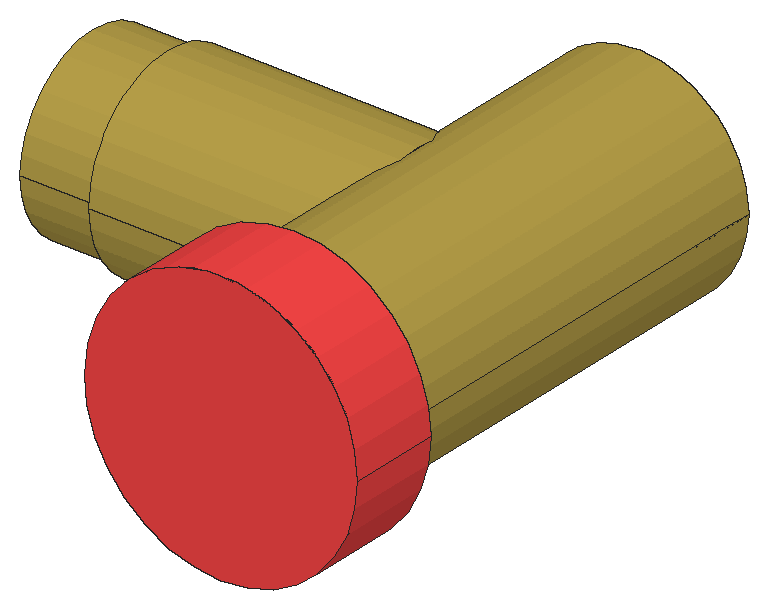
Revit family "Угловой термостатический вентиль «Standart»", category Арматура трубопроводов, Revit 2020
Family settings
  Размер круглого соединителя = Использовать диаметр
  Тип детали = Клапан - Вставляется
  Номер OmniClass = 23.65.55.14.21
  Заголовок OmniClass = Non-Return Valves for Liquid Services
  На основе рабочей плоскости = Нет
  Всегда вертикально = Нет
  При загрузке вырезать с полостями = Нет
  Общий = Да
Parameters (values of type "Dn20")
  Отметка по умолчанию = 0 mm
  Материал клапана = Латунь
  K Coefficient = 1
  Толщина крышки = 0.15 * Длина корпуса  # 12.3 mm
  Высота крышки = 36 mm
  Диаметр крышки = 39 mm
  Длина корпуса = 82 mm
  Диаметр корпуса = 0.6 * Диаметр адаптера  # 14.4 mm
  Длина адаптера = 0.1 * Длина корпуса  # 8.2 mm
  Диаметр адаптера = 1.2 * ADSK_Диаметр условный  # 24 mm
  URL = "https://www.weser.ru/about/documentation/"
  Kvs [instance] = 0.0 m³/h
  ADSK_Позиция = ""
  ADSK_Наименование краткое = "Термостатический вентиль"  # constant formula
  ADSK_Наименование [instance] = "Угловой термостатический вентиль «Standart» Dn20"
  ADSK_Масса_Текст = ""
  ADSK_Код изделия [instance] = "825030.100"
  ADSK_Завод-изготовитель [instance] = "Weser"  # constant formula
  ADSK_Единица измерения = "шт."  # constant formula
  ADSK_Диаметр условный = 20 mm
  ADSK_Группирование [instance] = ""
Types (2, lengths in mm): name | K Coefficient | Диаметр корпуса | Диаметр адаптера | ADSK_Наименование | ADSK_Код изделия | ADSK_Диаметр условный
  Dn15 | 0.54 | 10.8 | 18 | "Угловой термостатический вентиль «Standart» Dn15" | "820022.100" | 15
  Dn20 | 1 | 14.4 | 24 | "Угловой термостатический вентиль «Standart» Dn20" | "825030.100" | 20
Reference planes
  plane 1 "По центру (Вперед/Назад)": y = 0
  plane 2: z = 0
  plane 3 "По центру (Влево/Вправо)": x = 0
  plane 4: x = -41
  plane 5: x = 41
  plane 6: x = -32.8
  plane 7: z = 23.7
  plane 8: z = 36
  plane 9: z = -10.8
  plane 10: z = -16.8
  plane 11: x = -3.6
  plane 12: x = -10.8
  plane 13: y = 23.671
  plane 14: y = -23.671
Forms (mm)
  Extrusion 1, solid, material "Латунь" <- "Материал клапана", detail levels fine
    sketch origin (0, 0, 0) x (0, 1, 0) y (0, 0, 1)
      loop
        circle (0, 0) r 10.8
    from -32.8 to 0
  Extrusion 2, solid, material "Латунь" <- "Материал клапана", detail levels fine
    sketch origin (0, 0, 0) x (1, 0, 0) y (0, 0, 1)
      loop
        circle (0, 0) r 11.951
    from -23.739 to 23.671
  Extrusion 3, solid, material "Латунь" <- "Материал клапана", detail levels fine
    sketch origin (-41, 552.765, 1219.2) x (0, 1, 0) y (0, 0, 1)
      loop
        circle (-552.765, -1219.2) r 10
    from 0 to 8.2
  Extrusion 4, solid, material "Пластик Красный", detail levels fine
    sketch origin (-152.652, -23.671, 1219.2) x (-1, 0, 0) y (0, 0, 1)
      loop
        circle (-152.652, -1219.2) r 15
    from 0 to -10
Cuts and joins
  joined: Extrusion 1, Extrusion 2, Extrusion 3
Dimensions and locks
  equal spacing: plane 4, plane 3 "По центру (Влево/Вправо)", plane 5
  "Длина корпуса": plane 4 to plane 5
  "Длина адаптера": plane 4 to plane 6
  "Толщина крышки": plane 8 to plane 7
  "Высота крышки": plane 8 to plane 2
  locked: plane 2 to plane 9 at 10.8
  locked: plane 9 to plane 10 at 6
  locked: plane 3 "По центру (Влево/Вправо)" to plane 11 at 3.6
  locked: plane 3 "По центру (Влево/Вправо)" to plane 12 at 10.8
  locked: plane 13 to plane 1 "По центру (Вперед/Назад)" at 23.671
  locked: plane 1 "По центру (Вперед/Назад)" to plane 14 at 23.671
  locked: Extrusion 1 sketch curve to Extrusion 1 sketch curve (radius 10.8 mm)
  "ADSK_Диаметр условный": diameter of Extrusion 3 sketch curve
  aligned and locked: plane 2 to Extrusion 1 sketch curve
  aligned and locked: plane 1 "По центру (Вперед/Назад)" to Extrusion 1 sketch curve
  aligned and locked: Extrusion 1 to plane 6
  aligned and locked: plane 3 "По центру (Влево/Вправо)" to Extrusion 2 sketch curve
  aligned and locked: cut or joined group of Extrusion 1, Extrusion 2, Extrusion 3 to plane 14
  aligned and locked: plane 6 to Extrusion 3
  aligned and locked: Extrusion 3 to plane 4
Automatic sketch dimensions
  Extrusion 2 sketch curve to level = 0 mm
  Extrusion 3 sketch curve to level = 0 mm
  Extrusion 3 sketch curve to plane 1 "По центру (Вперед/Назад)" = 0 mm
  Extrusion 4 sketch curve to level = 0 mm
  Extrusion 4 sketch curve to plane 3 "По центру (Влево/Вправо)" = 0 mm
  radius of Extrusion 2 sketch curve = 11.951 mm
  radius of Extrusion 4 sketch curve = 15 mm
Nested families
  nested 1: "УГО Клапан регулирующий угловой" at (0.344, 0, 0), type "УГО Клапан запорно-балансировочный ручной"
    with УГО в разрезе no, УГО в плане yes, L1 12.762 mm, L 89.334 mm, H 21.644 mm, D 21.644 mm, ADSK_Позиция "", ADSK_Обозначение "", ADSK_Наименование "", ADSK_Код изделия ""
Connectors
  piping at (-32.8, 0, 0), diameter 20, driven by "ADSK_Диаметр условный"
    settings: on cut or joined group of Extrusion 1, Extrusion 2, Extrusion 3, index 1, connector inside diameter 609.6 mm, connector length 0 mm, flow factor 0, pipe flow 0.0 m³/h, pressure drop 0.0 Pa, fitting loss kfactor 0, connector angle 0.00°, fixture units 0, engagement length 0 mm, angle of deflection 0.00°, flow configuration 0, flow direction 0, fitting loss method 0, system type 29, joint type 0, gender type 0, connector reference index 2, connector utility 0, adjustable connector no, is connector primary yes, connector description ""
  piping at (0, 23.739, 0), diameter 20, driven by "ADSK_Диаметр условный"
    settings: on cut or joined group of Extrusion 1, Extrusion 2, Extrusion 3, index 2, connector inside diameter 609.6 mm, connector length 0 mm, flow factor 0, pipe flow 0.0 m³/h, pressure drop 0.0 Pa, fitting loss kfactor 0, connector angle 90.00°, fixture units 0, engagement length 0 mm, angle of deflection 0.00°, flow configuration 0, flow direction 0, fitting loss method 0, system type 29, joint type 0, gender type 0, connector reference index 1, connector utility 0, adjustable connector no, is connector primary no, connector description ""
  piping at (0, -23.671, 0), diameter 30
    settings: on Extrusion 4, index 3, connector inside diameter 609.6 mm, connector length 0 mm, flow factor 0, pipe flow 0.0 m³/h, pressure drop 0.0 Pa, fitting loss kfactor 0, connector angle 0.00°, fixture units 0, engagement length 0 mm, angle of deflection 0.00°, flow configuration 0, flow direction 0, fitting loss method 0, system type 28, joint type 0, gender type 0, connector reference index -1, connector utility 0, adjustable connector no, is connector primary no, connector description ""
Definition of nested family "УГО Клапан регулирующий угловой"
  Parameters (values of type "УГО Клапан запорно-балансировочный ручной")
    УГО в разрезе [instance] = not(УГО в плане)  # no
    УГО в плане [instance] = yes
    Разработчик (телефон) = ""
    Разработчик (email) = ""
    Разработчик (URL) = ""
    Разработчик = ""
    Default Elevation = 0 mm
    Manufacturer = ""
    L1 [instance] = L / 7  # 14.286 mm
    L [instance] = 100 mm
    H [instance] = D  # 44.634 mm
    D [instance] = 44.634 mm
    ADSK_Позиция [instance] = ""
    ADSK_Обозначение [instance] = ""
    ADSK_Наименование [instance] = ""
    ADSK_Масса = 0
    ADSK_Количество = 1  # constant formula
    ADSK_Код изделия [instance] = ""
    ADSK_Завод-изготовитель = Manufacturer  # ""
    ADSK_Единица измерения = "шт"  # constant formula
    ADSK_URL документации изделия = ""
  Types (3, lengths in mm): name | L1 | L | H | D
    УГО Клапан регулирующий проходной | 3.146 | 22.023 | 44.634 | 44.634
    УГО Клапан запорный | 28.571 | 200 | 100 | 100
    УГО Клапан запорно-балансировочный ручной | 14.286 | 100 | 44.634 | 44.634
  Reference planes
    plane 1 "По центру (Вперед/Назад)": y = 0
    plane 2: z = 0
    plane 3 "По центру (Влево/Вправо)": x = 0
    plane 4: x = -50
    plane 5: x = -7.143
    plane 6: x = 50
    plane 7: x = 7.143
    plane 8: y = 44.634
    plane 9: y = 22.317
    plane 10: y = -22.317
    plane 11: z = 22.317
    plane 12: z = 44.634
    plane 13: z = -22.317
    plane 14: x = -22.317
    plane 15: x = 22.317
    plane 16: y = 50
    plane 17: y = -50
    plane 18: y = -35
    plane 19: x = -35
  Lines and regions (mm)
    symbolic lines, detail levels coarse+medium
      curve 1: line (-35, 22.317, 0) -> (-35, -22.317, 0)
      curve 2: line (-35, -22.317, 0) -> (0, 0, 0)
      curve 3: line (0, 0, 0) -> (-35, 22.317, 0)
      curve 4: line (0, 0, 0) -> (-7.143, 22.317, 0)
      curve 5: line (-7.143, 22.317, 0) -> (7.143, 22.317, 0)
      curve 6: line (7.143, 22.317, 0) -> (0, 0, 0)
      curve 7: line (0, 22.317, 0) -> (0, 44.634, 0)
      curve 8: line (-22.317, -35, 0) -> (22.317, -35, 0)
      curve 9: line (22.317, -35, 0) -> (0, 0, 0)
      curve 10: line (0, 0, 0) -> (-22.317, -35, 0)
  Dimensions and locks
    equal spacing: plane 4, plane 3 "По центру (Влево/Вправо)", plane 6
    "L": plane 4 to plane 6
    equal spacing: plane 5, plane 3 "По центру (Влево/Вправо)", plane 7
    "L1": plane 5 to plane 7
    equal spacing: plane 9, plane 1 "По центру (Вперед/Назад)", plane 10
    "D": plane 9 to plane 10
    "H": plane 8 to plane 1 "По центру (Вперед/Назад)"
    equal spacing: plane 11, level, plane 13
    "D": plane 11 to plane 13
    "H": plane 12 to level
    "D": plane 14 to plane 15
    equal spacing: plane 14, plane 3 "По центру (Влево/Вправо)", plane 15
    "L": plane 16 to plane 17
    equal spacing: plane 16, plane 1 "По центру (Вперед/Назад)", plane 17
    locked: plane 18 to plane 17 at 15
    locked: plane 4 to plane 19 at 15
    aligned and locked: level to plane 2
    aligned and locked: curve 1 to plane 19
    aligned and locked: curve 8 to plane 18
    aligned and locked: plane 19 to curve 2
    aligned and locked: plane 9 to curve 3
  Automatic sketch dimensions
    curve 10 to plane 14 = 0 mm
    curve 4 to plane 5 = 0 mm
    plane 1 "По центру (Вперед/Назад)" to curve 4 = 0 mm
    curve 4 to plane 3 "По центру (Влево/Вправо)" = 0 mm
    curve 7 to plane 3 "По центру (Влево/Вправо)" = 0 mm
    curve 5 to plane 7 = 0 mm
    curve 8 to plane 15 = 0 mm
    plane 10 to curve 2 = 0 mm
    curve 6 to plane 9 = 0 mm
    curve 7 to plane 8 = 0 mm
